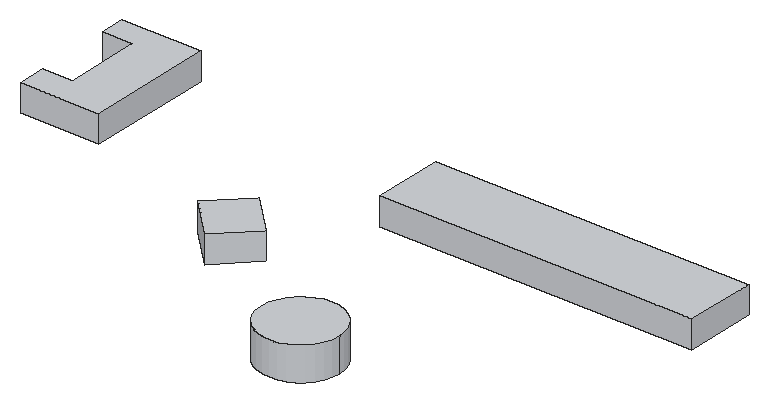
Revit family "importnest", category Plumbing Fixtures, Revit 2016
Family settings
  Part Type = Normal
  Round Connector Dimension = Use Diameter
  Work Plane-Based = No
  Always vertical = Yes
  Cut with Voids When Loaded = No
  Shared = Yes
  Room Calculation Point = No
Parameters (values of type "PF2535 - Bedpan")
  Material 1 [instance] = FF-780
  Aditazz ID = "PF2535"
Reference planes
  plane 1 "Center (Front/Back)": y = 0
  plane 2: z = 0
  plane 3 "Center (Left/Right)": x = 0
  plane 4: x = -320.851
  plane 5: x = 326.151
Forms (mm)
  Extrusion 1, solid
    sketch origin (0, 0, 0) x (1, 0, 0) y (0, 1, 0)
      loop
        line (-2385.403, 1732.147) -> (-2385.403, 572.147) -> (-1665.403, 572.147) -> (-1665.403, 1732.147) -> (-2385.403, 1732.147)
    from 0 to 250
  Extrusion 2, void
    sketch origin (0, 0, 0) x (1, 0, 0) y (0, 1, 0)
      loop
        line (-2813.056, 1508.817) -> (-2813.056, 828.817) -> (-2113.056, 828.817) -> (-2113.056, 1508.817) -> (-2813.056, 1508.817)
    from 0 to 250
Cuts and joins
  Extrusion 2 cuts Extrusion 1
Dimensions and locks
  aligned and locked: level to plane 2
Nested families
  nested 1: "import" at (75.128, -1795.57, 0) x (0.7071, -0.7071, 0) z (0, 0, 1), type "PF2535 - Bedpan"
    with Material 1 FF-780
  nested 2: "import1" at (0, 0, 0), type "PF2535 - Bedpan"
    with Material 1 FF-780
  nested 3: "Family1" at (800, -1400, 0), type "Family1"
Definition of nested family "import"
  Parameters (values of type "PF2535 - Bedpan")
    Material 1 [instance] = none
    Aditazz ID = "PF2535"
  Reference planes
    plane 1 "Center (Front/Back)": y = 0
    plane 2: z = 0
    plane 3 "Center (Left/Right)": x = 0
  Forms (mm)
    Extrusion 1, solid
      sketch origin (-1353.446, 1203.308, 0) x (1, 0, 0) y (0, 1, 0)
        loop
          line (-206.554, 231.692) -> (-206.554, -203.308) -> (273.446, -203.308) -> (273.446, 231.692) -> (-206.554, 231.692)
      from 0 to 250
  Dimensions and locks
    aligned and locked: level to plane 2
Definition of nested family "import1"
  Parameters (values of type "PF2535 - Bedpan")
    Material 1 [instance] = none
    Aditazz ID = "PF2535"
  Reference planes
    plane 1 "Center (Front/Back)": y = 0
    plane 2: z = 0
    plane 3 "Center (Left/Right)": x = 0
  Forms (mm)
    Extrusion 1, solid
      sketch origin (2128.687, 1205.641, 0) x (0, -1, 0) y (1, 0, 0)
        loop
          line (-314.359, 1371.313) -> (-314.359, -1480.21) -> (325.641, -1480.21) -> (325.641, 1371.313) -> (-314.359, 1371.313)
      from 0 to 250
  Dimensions and locks
    aligned and locked: level to plane 2
Definition of nested family "Family1"
  Reference planes
    plane 1 "Center (Front/Back)": y = 0
    plane 2: z = 0
    plane 3 "Center (Left/Right)": x = 0
  Forms (mm)
    Extrusion 1, solid
      sketch origin (0, 0, 0) x (1, 0, 0) y (0, 1, 0)
        loop
          circle (600.259, 437.181) r 355.6
      from 0 to 304.8
  Dimensions and locks
    aligned and locked: plane 2 to level
